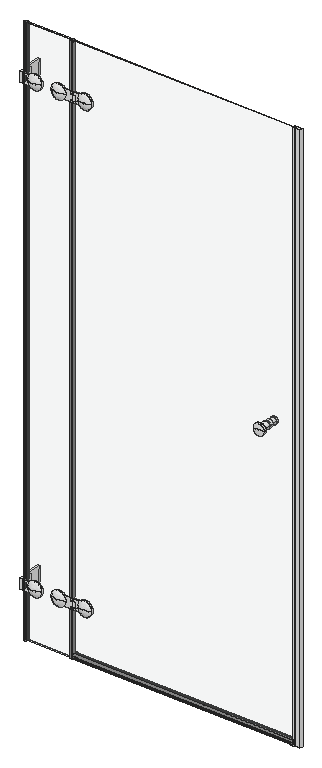
Revit family "Sanitary_Shower-screens_Duscholux_Pure-Style_Pegasus_Fixed-Segment+Pivot-door-shower", category Plumbing Fixtures, Revit 2016
Family settings
  Part Type = Normal
  Round Connector Dimension = Use Diameter
  OmniClass Number = 23.45.00.00
  OmniClass Title = Sanitary, Laundry, and Cleaning Equipment
  Work Plane-Based = No
  Always vertical = Yes
  Cut with Voids When Loaded = No
  Shared = No
  Room Calculation Point = No
Parameters (values of type "Platinum Aluminium Finish")
  Width fixed segment = 180 mm
  Width = 1000 mm
  Uniclass 2015 Description = "Shower Enclosures"
  Uniclass 2015 Code = "PR-40-20-06-79"
  URL = "http://www.duscholux.es/"
  UNSPSC Code = "30181507"
  Thickness Glass = 6 mm  # constant formula
  Technical Inspection Certificate (Applus) = "http://www.duscholux.es/resources/custom/var/APPLUS_en.pdf"
  Series = "Pure Style"
  Region South America = "Consult"
  Region Oceania = "Consult"
  Region North America = "Consult"
  Region Middle East = "Consult"
  Region Europe = "AD, ES, FR, PT"
  Region Asia = "Consult"
  Region Antartica = "Consult"
  Region Africa = "Consult"
  Ref. = "4UI / 4UD"
  Products = "http://www.duscholux.es/mamparas_filtro.aspx?es"
  Product group = "Front for shower"
  Product family = "Pure Style"
  Openning angle = 0.00°
  Opening System Image = "http://blob.duscholux.es/pluma512/FDIzq1f1pabatible180.gif"
  Opening System = "Pivot Door"
  Net Weight (Kg) = 45
  NBS Reference Description = "Shower Enclosures"
  NBS Reference Code = "45-35-70"
  Model = "Pegasus"
  Min Max Width = if(Width < 700 mm, 700 mm, if(Width > 1450 mm, 1450 mm, Width))  # 1000 mm
  Min Max Openning angle = if(Openning angle < -90.00°, -90.00°, if(Openning angle > 90.00°, 90.00°, Openning angle))  # 0.00°
  Max Height = if(Height < 1601 mm, 1601 mm, if(Height > 2100 mm, 2100 mm, Height))  # 2000 mm
  Manufacturer name = "Duscholux Ibérica, S.A."
  Manufacturer country = "Spain"
  Maintenance and Cleaning = "http://www.duscholux.es/mamparas_limpieza.aspx?en"
  Image = "http://www.duscholux.es/resources/custom/img/mamparas/PURE%20STYLE/modelos/1F1PFDA/mampara_h.jpg"
  IFC Classification = "Furnishing Element"
  Height = 2000 mm
  Handle Material = Chrome_Finish
  Handle Height = Max Height / 2  # 1000 mm
  Glass in Building UNE EN 12150 = "CE Conformity marking"
  Glass Material = Glass_Material-Duscholux
  Frame Material = Platinum Aluminium Finish
  Fact Sheet = "http://blob.duscholux.es/enpdf2018/Pegasus1F1PFD.pdf"
  Manufacturer = "Duscholux Ibérica, S.A."
  Environmental Management ISO 14001 = "ECOEMBES Certificate"
  Edition number = "1"
  Door aperture = Min Max Width - Width fixed segment - 20 mm  # 800 mm
  Design country = "Spain / Germany"
  Description = "1 fixed segment + 1 pivot door at 180º for shower"
  Date of publishing = ""
  Assembly Code = "C1030200"
  Configuration enclosure = "http://configuratumampara.duscholux.es/eCatalogo.aspx"
  Components = "Eropean components"
  Type Comments = ""
  Combinations = "Hinge and handle to choice (Round, square or triangular)"
  Certified Quality UNE EN 14428 = "http://www.duscholux.es/duscholux_downloads.aspx?es"
  COBIe Type Category = ""
  Brand = "Duscholux"
  Accesories Material = Chrome_Finish
Types (3, lengths in mm): name | Width | Min Max Width | Max Height | Height | Handle Height | Frame Material | Door aperture | Description
  (no name) | 1000 | 1000 | 2000 | 2000 | 1000 | Platinum Aluminium Finish | 800 | "1 fixed segment + 1 pivot door at 180º for shower"
  Silver Matt Aluminium Finish | 900 | 900 | 1800 | 1800 | 900 | Silver Matt Aluminium Finish | 700 | "1 fixed segment + 1 pivot door at 180º for bath"
  Platinum Aluminium Finish | 1000 | 1000 | 2000 | 2000 | 1000 | Platinum Aluminium Finish | 800 | "1 fixed segment + 1 pivot door at 180º for shower"
Reference planes
  plane 1 "Centro (Frontal/Posterior)": y = 0
  plane 2: z = 0
  plane 3 "Centro (Izquierda/Derecha)": x = 0
  plane 4: z = 2000
  plane 5: z = 1000
  plane 6: z = 400
  plane 7: x = 4
  plane 8: y = 0
  plane 9: y = 6
  plane 10: x = 1000
  plane 11: z = 580
  plane 12: z = 1820
  plane 13: y = 8
  plane 14: x = 180
  plane 15: z = 8
  plane 16: z = 180
Forms (mm)
  Extrusion 1, solid, material "Glass_Material-Duscholux" <- "Glass Material"
    sketch origin (0, 0, 0) x (1, 0, 0) y (0, 1, 0)
      loop
        line (6, 8) -> (6, 0) -> (174, 0) -> (174, 8) -> (6, 8)
    from 0 to 2000
  Extrusion 2, solid, material "Glass_Material-Duscholux" <- "Glass Material"
    sketch origin (180, 0, 0) x (1, 0, 0) y (0, 1, 0)
      loop
        line (0, 6) -> (0, 0) -> (794.7, 0) -> (794.7, 6) -> (0, 6)
    from 8 to 2000
  Extrusion 3, solid, material "Plástico, transparente"
    sketch origin (-322.583, -171.096, 0) x (1, 0, 0) y (0, 1, 0)
      loop
        line (496.583, 179.096) -> (496.583, 171.096) -> (491.583, 171.096) -> (491.583, 170.096) -> (496.583, 170.096) -> (501.183, 170.096)
        arc (501.183, 170.096) -> (502.583, 175.096) -> (501.183, 180.096) r 9.629
        line (501.183, 180.096) -> (496.583, 180.096) -> (491.583, 180.096) -> (491.583, 179.096) -> (496.583, 179.096)
      loop
        line (497.583, 170.596) -> (500.927, 170.596)
        arc (500.927, 170.596) -> (502.083, 175.096) -> (500.927, 179.596) r 9.338
        line (500.927, 179.596) -> (497.583, 179.596) -> (497.583, 170.596)
    from 1837.5 to 2000
  Extrusion 4, solid, material "Plástico, transparente"
    sketch origin (-322.583, -171.096, 0) x (1, 0, 0) y (0, 1, 0)
      loop
        line (496.583, 179.096) -> (496.583, 171.096) -> (491.583, 171.096) -> (491.583, 170.096) -> (496.583, 170.096) -> (501.183, 170.096)
        arc (501.183, 170.096) -> (502.583, 175.096) -> (501.183, 180.096) r 9.629
        line (501.183, 180.096) -> (496.583, 180.096) -> (491.583, 180.096) -> (491.583, 179.096) -> (496.583, 179.096)
      loop
        line (497.583, 170.596) -> (500.927, 170.596)
        arc (500.927, 170.596) -> (502.083, 175.096) -> (500.927, 179.596) r 9.338
        line (500.927, 179.596) -> (497.583, 179.596) -> (497.583, 170.596)
    from 197.5 to 1802.5
  Extrusion 5, solid, material "Plástico, transparente"
    sketch origin (-322.583, -171.096, 0) x (1, 0, 0) y (0, 1, 0)
      loop
        line (496.583, 179.096) -> (496.583, 171.096) -> (491.583, 171.096) -> (491.583, 170.096) -> (496.583, 170.096) -> (501.183, 170.096)
        arc (501.183, 170.096) -> (502.583, 175.096) -> (501.183, 180.096) r 9.629
        line (501.183, 180.096) -> (496.583, 180.096) -> (491.583, 180.096) -> (491.583, 179.096) -> (496.583, 179.096)
      loop
        line (497.583, 170.596) -> (500.927, 170.596)
        arc (500.927, 170.596) -> (502.083, 175.096) -> (500.927, 179.596) r 9.338
        line (500.927, 179.596) -> (497.583, 179.596) -> (497.583, 170.596)
    from 0 to 162.5
  Extrusion 6, solid, material "Plástico, transparente"
    sketch origin (542.583, -171.096, 0) x (-1, 0, 0) y (0, -1, 0)
      loop
        line (536.583, -179.096) -> (531.583, -179.096) -> (531.583, -180.096) -> (536.583, -180.096) -> (541.183, -180.096)
        arc (541.183, -180.096) -> (542.583, -175.096) -> (541.183, -170.096) r 9.629
        line (541.183, -170.096) -> (536.583, -170.096) -> (531.583, -170.096) -> (531.583, -171.096) -> (536.583, -171.096) -> (536.583, -179.096)
      loop
        line (537.583, -170.596) -> (537.583, -179.596) -> (540.927, -179.596)
        arc (540.927, -179.596) -> (542.083, -175.096) -> (540.927, -170.596) r 9.338
        line (540.927, -170.596) -> (537.583, -170.596)
    from 1837.5 to 2000
  Extrusion 7, solid, material "Plástico, transparente"
    sketch origin (542.583, -171.096, 0) x (-1, 0, 0) y (0, -1, 0)
      loop
        line (536.583, -179.096) -> (531.583, -179.096) -> (531.583, -180.096) -> (536.583, -180.096) -> (541.183, -180.096)
        arc (541.183, -180.096) -> (542.583, -175.096) -> (541.183, -170.096) r 9.629
        line (541.183, -170.096) -> (536.583, -170.096) -> (531.583, -170.096) -> (531.583, -171.096) -> (536.583, -171.096) -> (536.583, -179.096)
      loop
        line (537.583, -170.596) -> (537.583, -179.596) -> (540.927, -179.596)
        arc (540.927, -179.596) -> (542.083, -175.096) -> (540.927, -170.596) r 9.338
        line (540.927, -170.596) -> (537.583, -170.596)
    from 197.5 to 1802.5
  Extrusion 8, solid, material "Plástico, transparente"
    sketch origin (542.583, -171.096, 0) x (-1, 0, 0) y (0, -1, 0)
      loop
        line (536.583, -179.096) -> (531.583, -179.096) -> (531.583, -180.096) -> (536.583, -180.096) -> (541.183, -180.096)
        arc (541.183, -180.096) -> (542.583, -175.096) -> (541.183, -170.096) r 9.629
        line (541.183, -170.096) -> (536.583, -170.096) -> (531.583, -170.096) -> (531.583, -171.096) -> (536.583, -171.096) -> (536.583, -179.096)
      loop
        line (537.583, -170.596) -> (537.583, -179.596) -> (540.927, -179.596)
        arc (540.927, -179.596) -> (542.083, -175.096) -> (540.927, -170.596) r 9.338
        line (540.927, -170.596) -> (537.583, -170.596)
    from 0 to 162.5
  Extrusion 9, solid, material "Chrome_Finish" <- "Accesories Material"
    sketch origin (0, 0, 0) x (1, 0, 0) y (0, 1, 0)
      loop
        line (980, -1.178) -> (1000, -1.178) -> (1000, 10.322) -> (982.446, 10.322) -> (980, 6.085) -> (980, -1.178)
    from 0 to 2000
  Extrusion 10, solid, material "Chrome_Finish" <- "Accesories Material"
    sketch origin (180, 0, 0) x (1, 0, 0) y (0, 1, 0)
      loop
        arc (799.3, 7.283) -> (796.418, 7.637) -> (793.6, 6.94) r 8
        line (793.6, 6.94) -> (793.6, 5.832) -> (794.7, 5.832) -> (794.7, -0.358) -> (793.6, -0.358) -> (793.6, -1.466)
        arc (793.6, -1.466) -> (796.418, -2.164) -> (799.3, -1.81) r 8
        line (799.3, -1.81) -> (800, -0.87) -> (800, 6.334) -> (799.3, 7.283)
    from 0 to 2000
Lines and regions (mm)
  reference lines
    curve 1: line (180, 0, 0) -> (980, 0, 0)
  symbolic lines
    curve 2: line (180, 800, 0) -> (180, 0, 0)
    curve 3: line (180, -800, 0) -> (180, 0, 0)
    curve 4: arc (180, -800, 0) -> (980, 0, 0) -> (180, 800, 0) r 800
Dimensions and locks
  locked: plane 3 "Centro (Izquierda/Derecha)" to plane 7 at 4
  "Handle Height": plane 5 to level
  "Min Max Width": plane 3 "Centro (Izquierda/Derecha)" to plane 10
  locked: nested 5 to Extrusion 4 at 17.5
  locked: Extrusion 3 to plane 12 at 17.5
  "Width fixed segment": plane 3 "Centro (Izquierda/Derecha)" to plane 14
  locked: nested 5 to plane 14 at 6
  locked: plane 14 to nested 5 at 6
  "Door aperture": curve 1 to curve 1
  "Thickness Glass": Extrusion 2 to Extrusion 2
  locked: plane 15 to level at 8
  locked: plane 16 to level at 180
  plane 3 "Centro (Izquierda/Derecha)" to Extrusion 8 = 6 mm
  "Max Height": plane 4 to level
  locked: plane 4 to plane 12 at 180
  locked: nested 11 to plane 12 at 17.5
  "Door aperture": curve 2 to curve 2
  "Door aperture": curve 3 to curve 3
  "Min Max Openning angle": angle curve 1 to plane 8
  aligned and locked: level to plane 2
  aligned and locked: plane 12 to nested 2
  aligned and locked: plane 4 to Extrusion 1
  aligned and locked: plane 14 to curve 1
  aligned and locked: plane 8 to curve 1
  aligned and locked: plane 4 to Extrusion 2
  aligned and locked: nested 5 to plane 12
  aligned and locked: Extrusion 3 to Extrusion 1
  aligned and locked: nested 7 to nested 6
  aligned and locked: plane 5 to nested 6
  aligned and locked: plane 5 to nested 7
  aligned and locked: nested 5 to nested 3
  aligned and locked: Extrusion 4 to Extrusion 7
  aligned and locked: Extrusion 1 to Extrusion 6
  aligned and locked: Extrusion 6 to Extrusion 3
  aligned and locked: Extrusion 2 to nested 8
  aligned and locked: nested 8 to Extrusion 2
  aligned and locked: nested 4 to Extrusion 2
  aligned and locked: nested 10 to plane 12
  aligned and locked: nested 10 to Extrusion 2
  aligned and locked: Extrusion 2 to plane 15
  aligned and locked: plane 16 to nested 1
  aligned and locked: Extrusion 5 to level
  aligned and locked: nested 1 to Extrusion 4
  aligned and locked: Extrusion 7 to nested 9
  aligned and locked: Extrusion 8 to level
  aligned and locked: Extrusion 8 to nested 9
  aligned and locked: plane 4 to Extrusion 9
  aligned and locked: plane 4 to Extrusion 10
Automatic sketch dimensions
  plane 1 "Centro (Frontal/Posterior)" to Extrusion 1 sketch curve = 0 mm
  Extrusion 1 sketch curve to plane 13 = 0 mm
  plane 7 to Extrusion 1 sketch curve = 2 mm
  Extrusion 1 sketch curve to plane 14 = 6 mm
  Extrusion 3 sketch curve to plane 13 = 0 mm
  plane 1 "Centro (Frontal/Posterior)" to Extrusion 3 sketch curve = 0 mm
  Extrusion 3 sketch curve to plane 14 = 11 mm
  Extrusion 3 sketch curve to Extrusion 3 sketch curve = 0 mm  (x4)
  Extrusion 3 sketch curve to plane 9 = 2 mm
  Extrusion 3 sketch curve to Extrusion 3 sketch curve = 1.162 mm
  Extrusion 3 sketch curve to Extrusion 3 sketch curve = 0.209 mm
  Extrusion 3 sketch curve to Extrusion 3 sketch curve = 5 mm
  plane 1 "Centro (Frontal/Posterior)" to Extrusion 3 sketch curve = 0.5 mm
  Extrusion 3 sketch curve to Extrusion 3 sketch curve = 1 mm  (x2)
  plane 13 to Extrusion 3 sketch curve = 0.5 mm
  Extrusion 3 sketch curve to plane 14 = 1.656 mm
  Extrusion 3 sketch curve to Extrusion 3 sketch curve = 0.256 mm  (x2)
  Extrusion 4 sketch curve to plane 13 = 0 mm
  plane 1 "Centro (Frontal/Posterior)" to Extrusion 4 sketch curve = 0 mm
  Extrusion 4 sketch curve to plane 14 = 11 mm
  Extrusion 4 sketch curve to Extrusion 4 sketch curve = 0 mm  (x4)
  Extrusion 4 sketch curve to plane 9 = 2 mm
  Extrusion 4 sketch curve to Extrusion 4 sketch curve = 1.162 mm
  Extrusion 4 sketch curve to Extrusion 4 sketch curve = 0.209 mm
  Extrusion 4 sketch curve to Extrusion 4 sketch curve = 5 mm
  plane 1 "Centro (Frontal/Posterior)" to Extrusion 4 sketch curve = 0.5 mm
  Extrusion 4 sketch curve to Extrusion 4 sketch curve = 1 mm  (x2)
  plane 13 to Extrusion 4 sketch curve = 0.5 mm
  Extrusion 4 sketch curve to plane 14 = 1.656 mm
  Extrusion 4 sketch curve to Extrusion 4 sketch curve = 0.256 mm  (x2)
  Extrusion 5 sketch curve to plane 13 = 0 mm
  plane 1 "Centro (Frontal/Posterior)" to Extrusion 5 sketch curve = 0 mm
  Extrusion 5 sketch curve to plane 14 = 11 mm
  Extrusion 5 sketch curve to Extrusion 5 sketch curve = 0 mm  (x4)
  Extrusion 5 sketch curve to plane 9 = 2 mm
  Extrusion 5 sketch curve to Extrusion 5 sketch curve = 1.162 mm
  Extrusion 5 sketch curve to Extrusion 5 sketch curve = 0.209 mm
  Extrusion 5 sketch curve to Extrusion 5 sketch curve = 5 mm
  plane 1 "Centro (Frontal/Posterior)" to Extrusion 5 sketch curve = 0.5 mm
  Extrusion 5 sketch curve to Extrusion 5 sketch curve = 1 mm  (x2)
  plane 13 to Extrusion 5 sketch curve = 0.5 mm
  Extrusion 5 sketch curve to plane 14 = 1.656 mm
  Extrusion 5 sketch curve to Extrusion 5 sketch curve = 0.256 mm  (x2)
  Extrusion 6 sketch curve to plane 13 = 0 mm
  plane 1 "Centro (Frontal/Posterior)" to Extrusion 6 sketch curve = 0 mm
  Extrusion 6 sketch curve to plane 7 = 7 mm  (x2)
  plane 9 to Extrusion 6 sketch curve = 2 mm
  Extrusion 6 sketch curve to Extrusion 6 sketch curve = 1.162 mm
  Extrusion 6 sketch curve to Extrusion 6 sketch curve = 0.209 mm
  Extrusion 6 sketch curve to plane 7 = 2 mm
  Extrusion 6 sketch curve to Extrusion 6 sketch curve = 0 mm  (x3)
  Extrusion 6 sketch curve to plane 1 "Centro (Frontal/Posterior)" = 0.5 mm
  Extrusion 6 sketch curve to plane 7 = 1 mm
  Extrusion 6 sketch curve to plane 13 = 0.5 mm
  Extrusion 6 sketch curve to plane 3 "Centro (Izquierda/Derecha)" = 1.656 mm
  Extrusion 6 sketch curve to Extrusion 6 sketch curve = 0.256 mm  (x2)
  Extrusion 6 sketch curve to plane 1 "Centro (Frontal/Posterior)" = 1 mm
  Extrusion 7 sketch curve to plane 13 = 0 mm
  plane 1 "Centro (Frontal/Posterior)" to Extrusion 7 sketch curve = 0 mm
  Extrusion 7 sketch curve to plane 7 = 7 mm  (x2)
  plane 9 to Extrusion 7 sketch curve = 2 mm
  Extrusion 7 sketch curve to Extrusion 7 sketch curve = 1.162 mm
  Extrusion 7 sketch curve to Extrusion 7 sketch curve = 0.209 mm
  Extrusion 7 sketch curve to plane 7 = 2 mm
  Extrusion 7 sketch curve to Extrusion 7 sketch curve = 0 mm  (x3)
  Extrusion 7 sketch curve to plane 1 "Centro (Frontal/Posterior)" = 0.5 mm
  Extrusion 7 sketch curve to plane 7 = 1 mm
  Extrusion 7 sketch curve to plane 13 = 0.5 mm
  Extrusion 7 sketch curve to plane 3 "Centro (Izquierda/Derecha)" = 1.656 mm
  Extrusion 7 sketch curve to Extrusion 7 sketch curve = 0.256 mm  (x2)
  Extrusion 7 sketch curve to plane 1 "Centro (Frontal/Posterior)" = 1 mm
  Extrusion 8 sketch curve to plane 13 = 0 mm
  plane 1 "Centro (Frontal/Posterior)" to Extrusion 8 sketch curve = 0 mm
  Extrusion 8 sketch curve to plane 7 = 7 mm
  Extrusion 8 sketch curve to Extrusion 8 sketch curve = 0 mm  (x4)
  plane 9 to Extrusion 8 sketch curve = 2 mm
  Extrusion 8 sketch curve to Extrusion 8 sketch curve = 1.162 mm
  Extrusion 8 sketch curve to Extrusion 8 sketch curve = 0.209 mm
  Extrusion 8 sketch curve to Extrusion 8 sketch curve = 5 mm
  Extrusion 8 sketch curve to plane 1 "Centro (Frontal/Posterior)" = 0.5 mm
  Extrusion 8 sketch curve to Extrusion 8 sketch curve = 1 mm
  Extrusion 8 sketch curve to plane 13 = 0.5 mm
  Extrusion 8 sketch curve to Extrusion 8 sketch curve = 3.344 mm
  Extrusion 8 sketch curve to Extrusion 8 sketch curve = 0.256 mm  (x2)
  Extrusion 8 sketch curve to plane 1 "Centro (Frontal/Posterior)" = 1 mm
  plane 9 to Extrusion 9 sketch curve = 0.085 mm
  Extrusion 9 sketch curve to plane 10 = 20 mm
  Extrusion 9 sketch curve to Extrusion 9 sketch curve = 2.446 mm
  plane 1 "Centro (Frontal/Posterior)" to Extrusion 9 sketch curve = 1.178 mm
  plane 13 to Extrusion 9 sketch curve = 2.322 mm
  Extrusion 9 sketch curve to plane 10 = 0 mm
  Extrusion 2 sketch curve to curve 1 = 0 mm  (x2)
  curve 1 to Extrusion 2 sketch curve = 6 mm
  Extrusion 2 sketch curve to curve 1 = 5.3 mm
  Extrusion 10 sketch curve to curve 1 = 0 mm
  Extrusion 10 sketch curve to curve 1 = 0.87 mm
  curve 1 to Extrusion 10 sketch curve = 6.334 mm
  Extrusion 10 sketch curve to curve 1 = 0.7 mm  (x2)
  Extrusion 10 sketch curve to Extrusion 10 sketch curve = 2.4 mm  (x2)
  curve 1 to Extrusion 10 sketch curve = 0.348 mm
  curve 1 to Extrusion 10 sketch curve = 0.358 mm
  Extrusion 10 sketch curve to Extrusion 10 sketch curve = 2.2 mm
  Extrusion 10 sketch curve to Extrusion 10 sketch curve = 1.1 mm  (x2)
  Extrusion 10 sketch curve to Extrusion 10 sketch curve = 1.108 mm  (x2)
  Extrusion 10 sketch curve to Extrusion 10 sketch curve = 0.94 mm
  Extrusion 10 sketch curve to Extrusion 10 sketch curve = 0.01 mm
  curve 2 to curve 1 = 0 mm  (x2)
Nested families
  nested 1: "Hinge (Wall)" at (0, 0, 155), type "Hinge (Wall)"
  nested 2: "Hinge (Wall)" at (0, 0, 1795), type "Hinge (Wall)"
  nested 3: "Hinge (Fixed segment)" at (178, 0, 180) x (1, 0, 0) z (0, -1, 0), type "Hinge (Fixed segment)"
  nested 4: "Hinge (Door)" at (180, 0, 180) x (1, 0, 0) z (0, -1, 0), type "Hinge (Door)"
  nested 5: "Hinge (Fixed segment)" at (178, 0, 1820) x (1, 0, 0) z (0, -1, 0), type "Hinge (Fixed segment)"
  nested 6: "Ext.-Handle-Purestyle" at (874.7, 0, 1000) x (-1, 0, 0) z (0, -1, 0), type "Ext.-Handle-Purestyle", detail levels medium+fine
  nested 7: "Int.-Handle-Purestyle" at (874.7, 6, 1000) x (1, 0, 0) z (0, 1, 0), type "Int.-Handle-Purestyle", detail levels medium+fine
  nested 8: "Lower- Guide" at (180, 2.737, 8), type "Lower-Guide", detail levels fine
    with built-in parameter 1001306 2.6073 (stored number, unit not read)
  nested 9: "Hinge (Glass)" at (0, 0, 180) x (1, 0, 0) z (0, -1, 0), type "Hinge (Glass)"
  nested 10: "Hinge (Door)" at (180, 0, 1820) x (1, 0, 0) z (0, -1, 0), type "Hinge (Door)"
  nested 11: "Hinge (Glass)" at (0, 0, 1820) x (1, 0, 0) z (0, -1, 0), type "Hinge (Glass)"
Definition of nested family "Hinge (Wall)"
  Parameters (values of type "pletina pared")
    Material Accesorios = none
    Accesories Material = none
  Reference planes
    plane 1 "Centro (Frontal/Posterior)": y = 0
    plane 2: z = 0
    plane 3 "Centro (Izquierda/Derecha)": x = 0
    plane 4: z = 50
    plane 5: z = 42.5
    plane 6: z = 7.5
    plane 7: z = 25
  Forms (mm)
    Extrusion 1, solid, material <- "Accesories Material"
      sketch origin (0, 0, 0) x (1, 0, 0) y (0, 1, 0)
        loop
          line (-3.514, 75) -> (-10, 75) -> (-10, -4) -> (0, -4) -> (0, 32) -> (-1.514, 32) -> (-1.514, 73)
          arc (-1.514, 73) -> (-2.1, 74.414) -> (-3.514, 75) r 2
      from 0 to 50
    Extrusion 2, void
      sketch origin (0, 0, 0) x (1, 0, 0) y (0, 1, 0)
        loop
          line (-10, -4) -> (0, -4) -> (0, 32) -> (-1.514, 32) -> (-10, 26.002) -> (-10, -4)
      from 42.5 to 50
    Extrusion 3, void
      sketch origin (0, 0, 0) x (1, 0, 0) y (0, 1, 0)
        loop
          line (-10, 26.002) -> (-10, -4) -> (0, -4) -> (0, 32) -> (-1.514, 32) -> (-10, 26.002)
      from 0 to 7.5
  Cuts and joins
    Extrusion 2, Extrusion 3 cuts Extrusion 1
  Dimensions and locks
    equal spacing: plane 4, plane 7, level
    aligned and locked: level to plane 2
    aligned and locked: plane 4 to Extrusion 1
    aligned and locked: Extrusion 2 to Extrusion 1
    aligned and locked: Extrusion 2 to plane 5
    aligned and locked: Extrusion 3 to level
    aligned and locked: plane 6 to Extrusion 3
    aligned and locked: Extrusion 1 to Extrusion 2
    aligned and locked: Extrusion 1 to Extrusion 3
  Automatic sketch dimensions
    Extrusion 1 sketch curve to plane 3 "Centro (Izquierda/Derecha)" = 0 mm
    Extrusion 1 sketch curve to plane 3 "Centro (Izquierda/Derecha)" = 1.514 mm
    Extrusion 1 sketch curve to Extrusion 1 sketch curve = 2 mm
    plane 1 "Centro (Frontal/Posterior)" to Extrusion 1 sketch curve = 4 mm
    Extrusion 1 sketch curve to plane 3 "Centro (Izquierda/Derecha)" = 10 mm
    Extrusion 1 sketch curve to plane 1 "Centro (Frontal/Posterior)" = 32 mm
    Extrusion 1 sketch curve to Extrusion 1 sketch curve = 41 mm
    Extrusion 2 sketch curve to plane 3 "Centro (Izquierda/Derecha)" = 0 mm
    Extrusion 2 sketch curve to plane 3 "Centro (Izquierda/Derecha)" = 1.514 mm
    plane 1 "Centro (Frontal/Posterior)" to Extrusion 2 sketch curve = 4 mm
    Extrusion 2 sketch curve to plane 3 "Centro (Izquierda/Derecha)" = 10 mm
    Extrusion 2 sketch curve to plane 1 "Centro (Frontal/Posterior)" = 26.002 mm
    Extrusion 2 sketch curve to Extrusion 2 sketch curve = 5.998 mm
    Extrusion 3 sketch curve to plane 3 "Centro (Izquierda/Derecha)" = 0 mm
    Extrusion 3 sketch curve to plane 3 "Centro (Izquierda/Derecha)" = 1.514 mm
    Extrusion 3 sketch curve to plane 3 "Centro (Izquierda/Derecha)" = 10 mm
    plane 1 "Centro (Frontal/Posterior)" to Extrusion 3 sketch curve = 4 mm
    Extrusion 3 sketch curve to plane 1 "Centro (Frontal/Posterior)" = 26.002 mm
    Extrusion 3 sketch curve to Extrusion 3 sketch curve = 5.998 mm
Definition of nested family "Hinge (Fixed segment)"
  Parameters (values of type "pletina fijo")
    Default Elevation = 1219.2 mm
    Accesories Material = none
  Reference planes
    plane 1 "Centro (Frontal/Posterior)": y = 0
    plane 2: z = 0
    plane 3 "Centro (Izquierda/Derecha)": x = 0
    plane 4: y = 17.5
    plane 5: y = -17.5
    plane 6: x = 43.993
  Forms (mm)
    Extrusion 1, solid
      sketch origin (0, 0, 0) x (1, 0, 0) y (0, 1, 0)
        loop
          line (-1219.2, 1219.2) -> (-1219.2, -1219.2) -> (1219.2, -1219.2) -> (1219.2, 1219.2) -> (-1219.2, 1219.2)
      from 0 to -304.8
    Extrusion 2, solid, material <- "Accesories Material"
      sketch origin (-4, 0, 0) x (-1, 0, 0) y (0, -1, 0)
        loop
          line (0, -17.5) -> (25.565, -17.5)
          arc (25.565, -17.5) -> (70.793, 0) -> (25.565, 17.5) r 26
          line (25.565, 17.5) -> (0, 17.5) -> (0, -17.5)
      from 0 to 4
    Extrusion 3, solid, material <- "Accesories Material"
      sketch origin (0, 0, 0) x (1, 0, 0) y (0, 1, 0)
        loop
          line (0, -9.5) -> (0, 9.5) -> (-4, 9.5) -> (-4, -9.5) -> (0, -9.5)
      from 0 to 4
    Revolve 4, solid, material <- "Accesories Material"
      sketch origin (-92.787, 0, 0) x (1, 0, 0) y (0, 0, 1)
        loop
          arc (69.993, 4) -> (57.6, 9.978) -> (43.993, 12.031) r 46.1
          line (43.993, 12.031) -> (43.993, 4) -> (69.993, 4)
        axis (43.993, 12.031) -> (43.993, 4)
      angle from 0 to 360
    Extrusion 5, solid, material <- "Accesories Material"
      sketch origin (0, 0, 0) x (1, 0, 0) y (0, 0, 1)
        loop
          line (0, 4) -> (0, 0) -> (8, 0)
          arc (8, 0) -> (6.828, 2.828) -> (4, 4) r 4
          line (4, 4) -> (0, 4)
      from -9.5 to 9.5
  Cuts and joins
    joined: Extrusion 2, Extrusion 3, Extrusion 5
  Dimensions and locks
    aligned and locked: plane 2 to Extrusion 1
    aligned and locked: level to Extrusion 1
    aligned and locked: Extrusion 5 to cut or joined group of Extrusion 2, Extrusion 3, Extrusion 5
    aligned and locked: cut or joined group of Extrusion 2, Extrusion 3, Extrusion 5 to Extrusion 5
Definition of nested family "Hinge (Door)"
  Parameters (values of type "pletina puerta")
    Default Elevation = 1219.2 mm
    Accesories Material = none
  Reference planes
    plane 1 "Centro (Frontal/Posterior)": y = 0
    plane 2: z = 0
    plane 3 "Centro (Izquierda/Derecha)": x = 0
    plane 4: y = 17.5
    plane 5: y = -17.5
    plane 6: x = 43.993
  Forms (mm)
    Extrusion 1, solid
      sketch origin (0, 0, 0) x (1, 0, 0) y (0, 1, 0)
        loop
          line (-1219.2, 1219.2) -> (-1219.2, -1219.2) -> (1219.2, -1219.2) -> (1219.2, 1219.2) -> (-1219.2, 1219.2)
      from 0 to -304.8
    Revolve 2, solid, material <- "Accesories Material"
      sketch origin (0.8, 0, 0) x (1, 0, 0) y (0, 0, 1)
        loop
          arc (69.993, 4) -> (57.6, 9.978) -> (43.993, 12.031) r 46.1
          line (43.993, 12.031) -> (43.993, 4) -> (69.993, 4)
        axis (43.993, 12.031) -> (43.993, 4)
      angle from 0 to 360
    Extrusion 3, void
      sketch origin (0, 0, 0) x (1, 0, 0) y (0, 0, 1)
        loop
          arc (0, 0) -> (1.172, 2.828) -> (4, 4) r 4
          line (4, 4) -> (0, 4) -> (0, 0)
      from 9.5 to 17.5
    Extrusion 4, solid, material <- "Accesories Material"
      sketch origin (0, 0, 0) x (1, 0, 0) y (0, 1, 0)
        loop
          line (0, 17.5) -> (0, 9.5) -> (13.5, 9.5) -> (13.5, -9.5) -> (0, -9.5) -> (0, -17.5) -> (25.577, -17.5)
          arc (25.577, -17.5) -> (70.793, 0.017) -> (25.565, 17.5) r 25.997
          line (25.565, 17.5) -> (0, 17.5)
      from 0 to 4
    Extrusion 5, void
      sketch origin (0, 0, 0) x (1, 0, 0) y (0, 0, 1)
        loop
          arc (0, 0) -> (1.172, 2.828) -> (4, 4) r 4
          line (4, 4) -> (0, 4) -> (0, 0)
      from -17.5 to -9.5
  Cuts and joins
    Extrusion 3 cuts Revolve 2
    Extrusion 3, Extrusion 5 cuts Extrusion 4
  Dimensions and locks
    aligned and locked: plane 2 to Extrusion 1
    aligned and locked: level to Extrusion 1
    aligned and locked: Extrusion 4 to cut or joined group of Revolve 2, Extrusion 3
    aligned and locked: plane 4 to Extrusion 5
    aligned and locked: Extrusion 5 to Extrusion 4
Definition of nested family "Ext.-Handle-Purestyle"
  Parameters (values of type "Ext.-Handle-Purestyle")
    Handle Material = none
    Default Elevation = 1219.2 mm
  Reference planes
    plane 1 "Centro (Frontal/Posterior)": y = 0
    plane 2: z = 0
    plane 3 "Centro (Izquierda/Derecha)": x = 0
    plane 4: z = 25
    plane 5: z = 30
    plane 6: z = 27.5
  Forms (mm)
    Extrusion 1, solid
      sketch origin (0, 0, 0) x (1, 0, 0) y (0, 1, 0)
        loop
          line (-1219.2, 1219.2) -> (-1219.2, -1219.2) -> (1219.2, -1219.2) -> (1219.2, 1219.2) -> (-1219.2, 1219.2)
      from 0 to -304.8
    Extrusion 2, solid, material <- "Handle Material"
      sketch origin (0, 0, 0) x (1, 0, 0) y (0, 1, 0)
        loop
          circle (0, 0) r 12.542
      from 0 to 25
    Extrusion 3, solid, material <- "Handle Material"
      sketch origin (0, 0, 0) x (1, 0, 0) y (0, 1, 0)
        loop
          circle (0, 0) r 20
      from 25 to 30
    Revolve 4, solid, material <- "Handle Material"
      sketch origin (0, 0, 0) x (1, 0, 0) y (0, 0, 1)
        loop
          line (0, 30) -> (20, 30)
          arc (20, 30) -> (10.059, 31.59) -> (0, 32.01) r 86.26
          line (0, 32.01) -> (0, 30)
        axis (0, 32.01) -> (0, 30)
      angle from 0 to 360
    Revolve 5, solid, material <- "Handle Material"
      sketch origin (0, 0, 55) x (1, 0, 0) y (0, 0, -1)
        loop
          line (0, 30) -> (20, 30)
          arc (20, 30) -> (10.059, 31.59) -> (0, 32.01) r 86.26
          line (0, 32.01) -> (0, 30)
        axis (0, 32.01) -> (0, 30)
      angle from 0 to 360
  Cuts and joins
    joined: Extrusion 2, Extrusion 3, Revolve 4, Revolve 5
  Dimensions and locks
    aligned and locked: plane 2 to Extrusion 1
    aligned and locked: level to Extrusion 1
    aligned and locked: Extrusion 3 to Extrusion 2
    aligned and locked: plane 5 to Extrusion 3
Definition of nested family "Int.-Handle-Purestyle"
  Parameters (values of type "Int.-Handle-Purestyle")
    Handle Material = none
    Default Elevation = 1219.2 mm
  Reference planes
    plane 1 "Centro (Frontal/Posterior)": y = 0
    plane 2: z = 0
    plane 3 "Centro (Izquierda/Derecha)": x = 0
    plane 4: z = 10
    plane 5: z = 30
    plane 6: z = 33
  Forms (mm)
    Extrusion 1, solid
      sketch origin (0, 0, 0) x (1, 0, 0) y (0, 1, 0)
        loop
          line (-1219.2, 1219.2) -> (-1219.2, -1219.2) -> (1219.2, -1219.2) -> (1219.2, 1219.2) -> (-1219.2, 1219.2)
      from 0 to -304.8
    Extrusion 2, solid, material <- "Handle Material"
      sketch origin (0, 0, 0) x (1, 0, 0) y (0, 1, 0)
        loop
          circle (0, 0) r 12.518
      from 0 to 10
    Extrusion 3, solid, material <- "Handle Material"
      sketch origin (0, 0, 0) x (1, 0, 0) y (0, 1, 0)
        loop
          circle (0, 0) r 10
      from 10 to 30
    Extrusion 4, solid, material <- "Handle Material"
      sketch origin (0, 0, 0) x (1, 0, 0) y (0, 1, 0)
        loop
          circle (0, 0) r 12.518
      from 30 to 33
  Cuts and joins
    joined: Extrusion 2, Extrusion 3, Extrusion 4
  Dimensions and locks
    aligned and locked: plane 2 to Extrusion 1
    aligned and locked: level to Extrusion 1
    aligned and locked: Extrusion 3 to Extrusion 2
    aligned and locked: Extrusion 4 to Extrusion 3
    aligned and locked: plane 6 to Extrusion 4
Definition of nested family "Lower- Guide"
  Parameters (values of type "Lower-Guide")
    built-in parameter 1001306 [instance] = 800 mm
  Reference planes
    plane 1 "Centro (Frontal/Posterior)": y = 0
    plane 2: z = 0
    plane 3 "Izquierda": x = 0
    plane 4 "Derecha": x = 800
    plane 5: z = 0
  Forms (mm)
    Extrusion 1, solid
      sketch origin (0, 0, 0) x (0, 1, 0) y (0, 0, 1)
        loop
          line (-4.2, 0) -> (-3, 12) -> (-4.5, 12) -> (-5.692, 0.15)
          arc (-5.692, 0.15) -> (-5.345, -0.968) -> (-4.3, -1.497) r 1.5
          line (-4.3, -1.497) -> (-4.3, -5.874)
          arc (-4.3, -5.874) -> (-3.9, -6.274) -> (-3.5, -5.874) r 0.4
          line (-3.5, -5.874) -> (-3.5, -1.5) -> (3.5, -1.5) -> (3.5, -7.653)
          arc (3.5, -7.653) -> (3.9, -8.053) -> (4.3, -7.653) r 0.4
          line (4.3, -7.653) -> (4.3, -1.508) -> (5.754, -1.508) -> (11.976, -3.947)
          arc (11.976, -3.947) -> (12.62, -3.771) -> (12.515, -3.111) r 0.5
          line (12.515, -3.111) -> (9.056, -1.58)
          arc (9.056, -1.58) -> (6.398, 0.585) -> (5.211, 3.802) r 6.5
          line (5.211, 3.802) -> (4.5, 12) -> (3, 12) -> (4.2, 0) -> (-4.2, 0)
      from 0 to 800
  Lines and regions (mm)
    reference lines
      curve 1: line (0, 0, 0) -> (800, 0, 0)
  Dimensions and locks
    "built-in parameter 1001306": plane 3 "Izquierda" to plane 4 "Derecha"
    aligned and locked: plane 4 "Derecha" to curve 1
    aligned and locked: plane 1 "Centro (Frontal/Posterior)" to curve 1
    aligned and locked: plane 3 "Izquierda" to curve 1
    aligned and locked: level to plane 2
    aligned and locked: plane 4 "Derecha" to Extrusion 1
  Automatic sketch dimensions
    Extrusion 1 sketch curve to level = 0 mm  (x2)
    Extrusion 1 sketch curve to Extrusion 1 sketch curve = 0.4 mm  (x3)
    Extrusion 1 sketch curve to Extrusion 1 sketch curve = 0 mm  (x2)
    Extrusion 1 sketch curve to Extrusion 1 sketch curve = 1.5 mm  (x2)
    Extrusion 1 sketch curve to Extrusion 1 sketch curve = 1.454 mm
    Extrusion 1 sketch curve to level = 1.58 mm
    Extrusion 1 sketch curve to Extrusion 1 sketch curve = 3.301 mm
    level to Extrusion 1 sketch curve = 4.364 mm
    Extrusion 1 sketch curve to Extrusion 1 sketch curve = 2.632 mm
    Extrusion 1 sketch curve to level = 3.947 mm
    Extrusion 1 sketch curve to Extrusion 1 sketch curve = 2.921 mm
    Extrusion 1 sketch curve to Extrusion 1 sketch curve = 0.224 mm
    Extrusion 1 sketch curve to level = 3.111 mm
    Extrusion 1 sketch curve to Extrusion 1 sketch curve = 0.315 mm
    Extrusion 1 sketch curve to level = 5.874 mm
    Extrusion 1 sketch curve to Extrusion 1 sketch curve = 1.778 mm
    Extrusion 1 sketch curve to level = 1.508 mm
    Extrusion 1 sketch curve to level = 1.5 mm
    Extrusion 1 sketch curve to Extrusion 1 sketch curve = 0.003 mm
    level to Extrusion 1 sketch curve = 12 mm
    level to Extrusion 1 sketch curve = 0.15 mm
    plane 1 "Centro (Frontal/Posterior)" to Extrusion 1 sketch curve = 3 mm
    plane 1 "Centro (Frontal/Posterior)" to Extrusion 1 sketch curve = 3.5 mm
    Extrusion 1 sketch curve to Extrusion 1 sketch curve = 0.1 mm  (x2)
    Extrusion 1 sketch curve to plane 1 "Centro (Frontal/Posterior)" = 3 mm
    Extrusion 1 sketch curve to plane 1 "Centro (Frontal/Posterior)" = 3.5 mm
    Extrusion 1 sketch curve to Extrusion 1 sketch curve = 0.799 mm
    level to Extrusion 1 sketch curve = 3.802 mm
Definition of nested family "Hinge (Glass)"
  Parameters (values of type "Hinge (Glass)")
    Default Elevation = 1219.2 mm
    Accesories Material = none
  Reference planes
    plane 1 "Centro (Frontal/Posterior)": y = 0
    plane 2: z = 0
    plane 3 "Centro (Izquierda/Derecha)": x = 0
    plane 4: y = 17.5
    plane 5: y = -17.5
    plane 6: x = 43.993
  Forms (mm)
    Extrusion 1, solid
      sketch origin (0, 0, 0) x (1, 0, 0) y (0, 1, 0)
        loop
          line (-1219.2, 1219.2) -> (-1219.2, -1219.2) -> (1219.2, -1219.2) -> (1219.2, 1219.2) -> (-1219.2, 1219.2)
      from 0 to -304.8
    Extrusion 2, solid, material <- "Accesories Material"
      sketch origin (0.8, 0, 0) x (1, 0, 0) y (0, 1, 0)
        loop
          line (-0.8, 17.5) -> (-0.8, -17.5) -> (24.777, -17.5)
          arc (24.777, -17.5) -> (69.993, 0) -> (24.777, 17.5) r 25.995
          line (24.777, 17.5) -> (-0.8, 17.5)
        loop
          line (3.2, 9.5) -> (3.2, -9.5) -> (12.7, -9.5) -> (12.7, 9.5) -> (3.2, 9.5)
      from 0 to 4
    Revolve 3, solid, material <- "Accesories Material"
      sketch origin (0.8, 0, 0) x (1, 0, 0) y (0, 0, 1)
        loop
          arc (69.993, 4) -> (57.6, 9.978) -> (43.993, 12.031) r 46.1
          line (43.993, 12.031) -> (43.993, 4) -> (69.993, 4)
        axis (43.993, 12.031) -> (43.993, 4)
      angle from 0 to 360
    Extrusion 4, void
      sketch origin (0, 0, 0) x (1, 0, 0) y (0, 0, 1)
        loop
          arc (0, 0) -> (1.172, 2.828) -> (4, 4) r 4
          line (4, 4) -> (0, 4) -> (0, 0)
      from -17.5 to 17.5
  Cuts and joins
    Extrusion 4 cuts Extrusion 2
    Extrusion 4 cuts Revolve 3
    joined: Extrusion 2, Revolve 3
  Dimensions and locks
    aligned and locked: plane 2 to Extrusion 1
    aligned and locked: level to Extrusion 1
    aligned and locked: Extrusion 2 to plane 3 "Centro (Izquierda/Derecha)"
    aligned and locked: cut or joined group of Extrusion 2, Revolve 3, Extrusion 4 to cut or joined group of Extrusion 2, Revolve 3, Extrusion 4
    aligned and locked: Extrusion 2 to Extrusion 4
